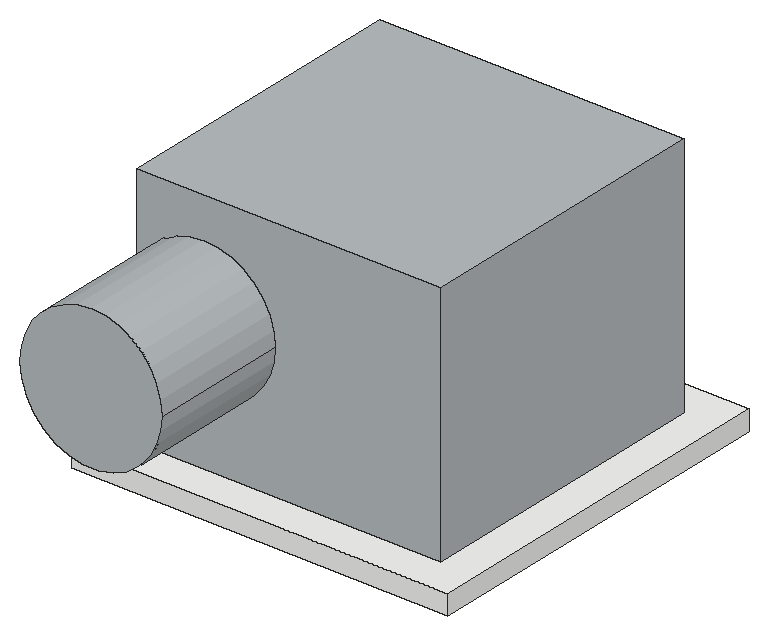
Revit family "vd-18_20zagvr7-c_60Hz", category 機械設備, Revit 2019
Family settings
  丸型コネクタ寸法 = 直径を使用
  パーツ タイプ = 標準
  OmniClass 番号 = 23.75.35.17.27
  OmniClass タイトル = Centrifugal Fans
  作業面ベース = いいえ
  常に垂直 = はい
  ロード時にボイドで切り取り = いいえ
  共有 = いいえ
  部屋計算ポイント = はい
Parameters (values of type "VD-20ZAGVR7-C")
  騒音レベル(dB(A)) [instance] = 47
  風量 [instance] = 550.0 m³/h
  電源種別 [instance] = ""
  電圧 = 100 V
  電動機出力 = 0 W
  電動機_種別 [instance] = ""
  運転質量 = 0.00 kg
  連動 [instance] = ""
  質量 = if(製品質量 > 運転質量, 製品質量, 運転質量) * 1.2  # 6.72 kg
  負荷分類 = 3_ファン類
  説明 = "CO2センサー搭載ダクト用換気扇 インテリア格子タイプ<低騒音形 24時間換気機能付 機器連携/定風量タイプ>"
  設計風量 [instance] = 0.0 m³/h
  設置方法 = "天埋"
  記号 [instance] = ""
  製造元 = "三菱電機株式会社"
  製品質量 = 5.60 kg
  製品出荷対象 = "国内"
  製品リリース年月 = "2024年6月3日"
  製品グループ = ""
  系統 [instance] = ""
  符号 [instance] = if(☑給気／□排気, "FS", "FE")  # "FE"
  積算_科目 = "2 換気設備"
  積算_拾い区分 [instance] = ""
  相 = 1
  盤記号 [instance] = ""
  発停方法 [instance] = ""
  特殊仕様 [instance] = ""
  火災停止 [instance] = ""
  消費電力 = 38 W
  法定耐用年数 = "15"
  機外静圧 [instance] = 140.0 Pa
  極数 = 2
  材質 [instance] = ""
  操作・制御方式 = ""
  操作・制御スイッチ = ""
  排気量 [instance] = if(☑給気／□排気, 0.0 m³/h, 設計風量)  # 0.0 m³/h
  形式 = "天井埋込ダクト形"
  幹線記号 [instance] = ""
  対象室 [instance] = ""
  実風量 [instance] = 0.0 m³/h
  始動方式 [instance] = "直入"
  外気量 [instance] = if(☑給気／□排気, 設計風量, 0.0 m³/h)  # 0.0 m³/h
  呼称 = "天井扇"
  周波数 = 60 Hz
  参照している仕様書等のバージョン = ""
  分類コード = "50052503100030"
  分類グループ = ""
  価格 = 116000
  企業コード = "108420"
  付属品_防振装置 = ""
  付属品 [instance] = ""
  仕様書バージョン = "Version1.0"
  モデル = "VD-20ZAGVR7-C"
  マテリアル = 鋼板
  ファンの種類 = ""
  ダクト径 = 150 mm
  コメント [instance] = ""
  Keynote = ""
  カバーマテリアル = 合成樹脂(白)
  ☑給気／□排気 [instance] = no
  Width = 307 mm
  W1 = 380 mm
  Version = ""
  Uniclass2015Version = "Systems v1.9"
  Uniclass2015Title = "Centrifugal fans"
  Uniclass2015Code = "Pr_65_67_29_12"
  URL = "https://www.mitsubishielectric.co.jp/ldg/wink/qr/002/333510/"
  SpecificationReference = ""
  SpecificationDescription = ""
  Revision = ""
  ProductInformation = ""
  OmniClassCode = "23-33 31 19 11 15"
  MIN風量 = 170.0 m³/h
  MIN静圧 = 70.0 Pa
  MID風量 = 0.0 m³/h
  MID静圧 = 0.0 Pa
  MAX風量 = 550.0 m³/h
  MAX静圧 = 140.0 Pa
  IfcTypeProduct = ""
  IfcProduct = ""
  IfcExportType = "PROPELLORAXIAL"
  IfcExportAs = "IfcFanType"
  Height = 248 mm
  H1 = 20 mm
  EAサイズ_D = 144 mm
  Duct_Height = 135 mm
  Duct_Depth = 142 mm
  Duct_Center = 86 mm
  Depth = 307 mm
  D1 = 380 mm
  Author = "三菱電機株式会社"
Types (2, lengths in mm): name | 騒音レベル(dB(A)) | 風量 | 質量 | 製品質量 | 消費電力 | 機外静圧 | 価格 | モデル | Width | W1 | URL | MIN風量 | MIN静圧 | MAX風量 | MAX静圧 | Height | H1 | Duct_Center | Depth | D1
  VD-18ZAGVR7-C | 42.5 | 400.0 m³/h | 5.64 kg | 4.70 kg | 19 W | 120.0 Pa | 94300 | "VD-18ZAGVR7-C" | 270 | 335 | "https://www.mitsubishielectric.co.jp/ldg/wink/qr/002/333642/" | 130.0 m³/h | 45.0 Pa | 400.0 m³/h | 120.0 Pa | 243 | 19 | 67 | 270 | 335
  VD-20ZAGVR7-C | 47 | 550.0 m³/h | 6.72 kg | 5.60 kg | 38 W | 140.0 Pa | 116000 | "VD-20ZAGVR7-C" | 307 | 380 | "https://www.mitsubishielectric.co.jp/ldg/wink/qr/002/333510/" | 170.0 m³/h | 70.0 Pa | 550.0 m³/h | 140.0 Pa | 248 | 20 | 86 | 307 | 380
Reference planes
  plane 1 "中心(正面/背面)": y = 0
  plane 2: z = 0
  plane 3 "中心(左/右)": x = 0
  plane 4: x = -190
  plane 5: x = 190
  plane 6: y = 190
  plane 7: y = -190
  plane 8: x = -153.5
  plane 9: x = 153.5
  plane 10: y = 153.5
  plane 11: y = -153.5
  plane 12: y = -295.5
  plane 13: z = 248
  plane 14: z = -20
  plane 15: z = 135
  plane 16: x = -86
Forms (mm)
  Extrusion 1, solid, material "鋼板" <- "マテリアル", detail levels fine
    sketch origin (0, 0, 0) x (1, 0, 0) y (0, 1, 0)
      loop
        line (-153.5, 153.5) -> (-153.5, -153.5) -> (153.5, -153.5) -> (153.5, 153.5) -> (-153.5, 153.5)
    from 0 to 248
  Extrusion 2, solid, material "合成樹脂(白)" <- "カバーマテリアル", detail levels fine
    sketch origin (0, 0, 0) x (1, 0, 0) y (0, 1, 0)
      loop
        line (-190, 190) -> (-190, -190) -> (190, -190) -> (190, 190) -> (-190, 190)
    from 0 to -20
  Extrusion 3, solid, material "鋼板" <- "マテリアル", detail levels fine
    sketch origin (0, 0, 0) x (1, 0, 0) y (0, 0, 1)
      loop
        circle (-86, 135) r 72
    from 153.5 to 295.5
Dimensions and locks
  equal spacing: plane 4, plane 3 "中心(左/右)", plane 5
  "W1": plane 4 to plane 5
  equal spacing: plane 6, plane 1 "中心(正面/背面)", plane 7
  "D1": plane 6 to plane 7
  equal spacing: plane 8, plane 3 "中心(左/右)", plane 9
  "Width": plane 8 to plane 9
  equal spacing: plane 10, plane 1 "中心(正面/背面)", plane 11
  "Depth": plane 10 to plane 11
  "Duct_Depth": plane 11 to plane 12
  "Height": plane 13 to plane 2
  "Duct_Height": plane 15 to plane 2
  "H1": plane 2 to plane 14
  "Duct_Center": plane 3 "中心(左/右)" to plane 16
  "EAサイズ_D": diameter of Extrusion 3 sketch curve
  aligned and locked: level to plane 2
  aligned and locked: plane 5 to Extrusion 2
  aligned and locked: plane 6 to Extrusion 2
  aligned and locked: Extrusion 2 to plane 4
  aligned and locked: Extrusion 2 to plane 7
  aligned and locked: plane 9 to Extrusion 1
  aligned and locked: Extrusion 1 to plane 11
  aligned and locked: Extrusion 1 to plane 8
  aligned and locked: plane 10 to Extrusion 1
  aligned and locked: plane 13 to Extrusion 1
  aligned and locked: Extrusion 2 to plane 14
  aligned and locked: level to Extrusion 2
  aligned and locked: Extrusion 1 to level
  aligned and locked: Extrusion 3 to plane 12
  aligned and locked: plane 11 to Extrusion 3
Automatic sketch dimensions
  Extrusion 1 sketch curve to plane 3 "中心(左/右)" = 153.5 mm
  plane 3 "中心(左/右)" to Extrusion 1 sketch curve = 153.5 mm
  Extrusion 2 sketch curve to plane 3 "中心(左/右)" = 190 mm
  plane 3 "中心(左/右)" to Extrusion 2 sketch curve = 190 mm
  plane 1 "中心(正面/背面)" to Extrusion 1 sketch curve = 153.5 mm
  Extrusion 1 sketch curve to plane 1 "中心(正面/背面)" = 153.5 mm
  plane 1 "中心(正面/背面)" to Extrusion 2 sketch curve = 190 mm
  Extrusion 2 sketch curve to plane 1 "中心(正面/背面)" = 190 mm
  Extrusion 3 sketch curve to plane 15 = 0 mm
  Extrusion 3 sketch curve to plane 16 = 0 mm
Nested families
  nested 1: "記号_天井換気扇_平面" at (0, 0, 0), type "記号_天井換気扇_平面", detail levels coarse+medium
Connectors
  hvac at (-86, -295.5, 135), driven by "ダクト径", driven by "風量", driven by "機外静圧"
    settings: on Extrusion 3, index 1, duct flow 550.0 m³/h, flow factor 0, pres drop 140.0 Pa, loss coef 0, conn angle 0.00°, conn width 304.8 mm, conn height 304.8 mm, conn diameter 150 mm, duct sys type 3, conn prof type 0, flow config 0, flow direction 2, loss method 4, conn ref index -1, conn util no, is conn primary yes, conn desc ""
  electrical at (0, 0, 248), driven by "極数", driven by "負荷分類", driven by "電圧", driven by "消費電力"
    settings: on Extrusion 1, index 2, voltage 100 V, apparent load 38 VA, apparent load phase1 0 VA, apparent load phase2 0 VA, apparent load phase3 0 VA, power factor 1, load classification "3_ファン類", number of poles 2, system type 30, power factor state 1, is connector primary yes, connector utility no, sub classification motor no, connector description ""
Definition of nested family "記号_天井換気扇_平面"
  Reference planes
    plane 1: y = 0
    plane 2: x = 0
  Lines and regions (mm)
    detail lines
      curve 1: line (-2.5, 2.5, 0) -> (2.5, 2.5, 0)
      curve 2: line (-2.5, -2.5, 0) -> (-2.5, 2.5, 0)
      curve 3: line (2.5, -2.5, 0) -> (-2.5, -2.5, 0)
      curve 4: line (2.5, 2.5, 0) -> (2.5, -2.5, 0)
      curve 5: circle (-1.04, -1.04, 0) r 1.46 normal (0, 0, 1)
      curve 6: circle (1.04, 1.04, 0) r 1.46 normal (0, 0, 1)
      curve 7: line (-3.125, 3.125, 0) -> (3.125, 3.125, 0)
      curve 8: line (-3.125, -3.125, 0) -> (-3.125, 3.125, 0)
      curve 9: line (3.125, -3.125, 0) -> (-3.125, -3.125, 0)
      curve 10: line (3.125, 3.125, 0) -> (3.125, -3.125, 0)
      curve 11: circle (1.295, 1.295, 0) r 1.83 normal (0, 0, 1)
      curve 12: circle (-1.295, -1.295, 0) r 1.83 normal (0, 0, 1)
      curve 13: line (-2, 2, 0) -> (2, 2, 0)
      curve 14: line (-2, -2, 0) -> (-2, 2, 0)
      curve 15: line (2, -2, 0) -> (-2, -2, 0)
      curve 16: line (2, 2, 0) -> (2, -2, 0)
      curve 17: circle (0.84, 0.84, 0) r 1.16 normal (0, 0, 1)
      curve 18: circle (-0.84, -0.84, 0) r 1.2 normal (0, 0, 1)
